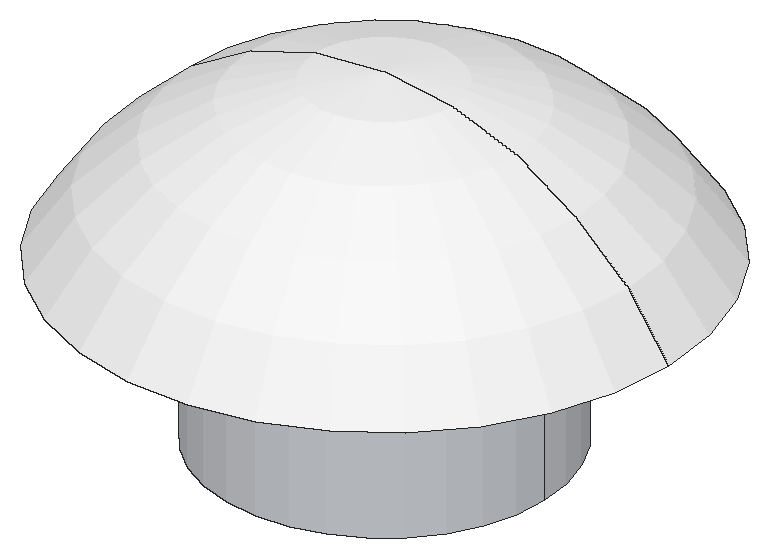
Revit family "CADS_AIRFLOWdev_AirTerminal_RoofCowl_Exhaust", category Air Terminals, host Face, Revit 2015
Parameters (values of type "Grey Roof Cowl")
  WorkExecutionLevel = "N/A"
  WeeklyMaintenance = "N/A"
  WarrantyStartDate [instance] = "N/A"
  WarrantyPeriod = "2"
  WarrantyIdentifier = "N/A"
  WarrantyGuarantorParts = "info@airflow.com"
  WarrantyGuarantorLabor = "info@airflow.com"
  WarrantyGuarantor = "Airflow Developments Ltd"
  WarrantyEndDate [instance] = "N/A"
  WarrantyContent = "Replacement of part if faulty"
  Uniclass2015 = "Pr_65_70_46_01"
  TagNumber [instance] = "N/A"
  Status [instance] = "New"
  Size = "125 x 117 x 117"
  ShippingWeight = 0.018 kg
  Shape = "Round"
  ServiceLifeType = "EXPECTEDSERVICELIFE"
  ServiceLifeDuration = "10"
  SerialNumber [instance] = "N/A"
  RoofCowl = CADS_AirFlow_White
  ReplacementCost = "39.336"
  QuarterlyMaintenance = "N/A"
  QualityOfComponents = "N/A"
  ProductionYear = "2017"
  ProductLiterature = "N/A"
  PointOfContact = "Airflow Developments Ltd"
  OutdoorEnviornment = "N/A"
  OperationAndMaintenanceManual = "N/A"
  NumberOfSlots = 0
  NominalWidth = 117 mm
  NominalLength = 125 mm
  NominalHeight = 117 mm
  NBSCode = "90-75-50/370 Air terminals;"
  MountingType = "SURFACE"
  MonthlyMaintenance = "N/A"
  ModelReference = "9004554"
  ModelLabel = "Roof Cowl Grey A.B.S."
  MeanTimeBetweenFailure = "N/A"
  Material = "Plastic"
  ManufacturerWebsite = "www.airflow.com"
  ManufacturerTelephone = "01494 525252"
  ManufacturerE-Mail = "info@airflow.com"
  ManufacturerAddress = "Aidelle House\nLancaster Road\nCressex Business Park\nHigh Wycombe\nBucks\nHP123QP"
  Manufacturer = "Airflow Developments Ltd"
  MaintenanceRequired8001to12000hrs = "N/A"
  MaintenanceRequired601to1000hrs = "N/A"
  MaintenanceRequired4001to8000hrs = "N/A"
  MaintenanceRequired301to600hrs = "N/A"
  MaintenanceRequired2001to4000hrs = "N/A"
  MaintenanceRequired1001to2000hrs = "N/A"
  MaintenanceRequired0to300hrs = "N/A"
  MaintenanceLevel = "N/A"
  IsExtendedWarranty = no
  IndoorEnviornment = "N/A"
  InUseConditions = "N/A"
  ISO90001 = yes
  ISO140001 = yes
  HasThermalInsulation = no
  HasSoundAttenuator = no
  HasIntegralControl = no
  GrossWeight = 0.015 kg
  Grade = "Virgin"
  GlobalTradeItemNumber = "5019009310442"
  FlowControlType = "NONE"
  Flow [instance] = 0.0 L/s
  Features [instance] = "Roof Cowl Grey A.B.S."
  FaceType = "LOUVERED"
  Exclusions = "Incorrect Use / Incorrect Installation / Installed by a non-accredited electrician. Customer abuse."
  DurationUnit = "Years"
  DesignLevel = "N/A"
  Description = "Roof Cowl Grey A.B.S."
  Default Elevation = 1219.2 mm
  DailyMaintenance = "N/A"
  Constituents = "Grey"
  Color = "Grey"
  CodePerformance = "N/A"
  CEApproval = yes
  BespokeTimeFrameMaintenance = "N/A"
  AssetType = "Fixed"
  AssetIdentifier [instance] = "N/A"
  AssemblyPlace = "N/A"
  AnnualMaintenance = "N/A"
  AirflowRateRange = "0-61"
  AccessibilityPerformance = "N/A"
  A = 200 mm
  6MonthlyMaintenance = "Visually inspect system, clean the fan and ducting if necessary"
Reference planes
  plane 1 "Center (Front/Back)": y = 0
  plane 2: z = 0
  plane 3 "Center (Left/Right)": x = 0
  plane 4: x = -100
  plane 5: x = 100
  plane 6: y = 100
  plane 7: y = -100
  plane 8: z = 57.5
  plane 9: z = -57.5
Forms (mm)
  Extrusion 1, solid
    sketch origin (0, 0, 0) x (1, 0, 0) y (0, 1, 0)
      loop
        circle (0, 0) r 56.5
    from -57.5 to 0
  Revolve 2, solid, material "CADS_AirFlow_White" <- "RoofCowl"
    sketch origin (0, 0, 0) x (1, 0, 0) y (0, 0, 1)
      loop
        arc (100, 0) -> (57.676, 42.1) -> (0, 57.5) r 115.707
        line (0, 57.5) -> (0, 55.5)
        arc (0, 55.5) -> (56.173, 40.656) -> (97.679, 0) r 113.707
        line (97.679, 0) -> (100, 0)
      axis (0, 57.5) -> (0, 0)
    angle from 0 to 360
Dimensions and locks
  equal spacing: plane 6, plane 1 "Center (Front/Back)", plane 7
  equal spacing: plane 4, plane 3 "Center (Left/Right)", plane 5
  locked: plane 4 to plane 5 at 200
  locked: plane 6 to plane 7 at 200
  equal spacing: plane 8, level, plane 9
  plane 8 to plane 9 = 115 mm
  diameter of Extrusion 1 sketch curve = 113 mm
  aligned and locked: plane 2 to host face
  aligned and locked: level to host face
  aligned and locked: Extrusion 1 to plane 9
  aligned and locked: level to Extrusion 1
  aligned and locked: Revolve 2 sketch curve to plane 3 "Center (Left/Right)"  (x2)
  aligned and locked: plane 8 to Revolve 2 sketch curve
  aligned and locked: level to Revolve 2 sketch curve
Automatic sketch dimensions
  host sketch curve to host sketch curve = 2438.4 mm  (x2)
  plane 1 "Center (Front/Back)" to Extrusion 1 sketch curve = 0 mm
  Extrusion 1 sketch curve to plane 3 "Center (Left/Right)" = 0 mm
  Revolve 2 sketch curve to Revolve 2 sketch curve = 0 mm
  Revolve 2 sketch curve to plane 5 = 0 mm
  Revolve 2 sketch curve to plane 8 = 2 mm
  Revolve 2 sketch curve to Revolve 2 sketch curve = 551.393 mm
  Revolve 2 sketch curve to Revolve 2 sketch curve = 2551.558 mm
Connectors
  hvac at (0, 0, 0), driven by "Flow"
    settings: on Extrusion 1, index 1, duct flow 0.0 L/s, flow factor 0, pres drop 0.0 Pa, loss coef 0, conn angle 0.00°, conn width 304.8 mm, conn height 304.8 mm, conn diameter 100 mm, duct sys type 3, conn prof type 0, flow config 0, flow direction 1, loss method 0, conn ref index -1, conn util no, is conn primary yes, conn desc ""
